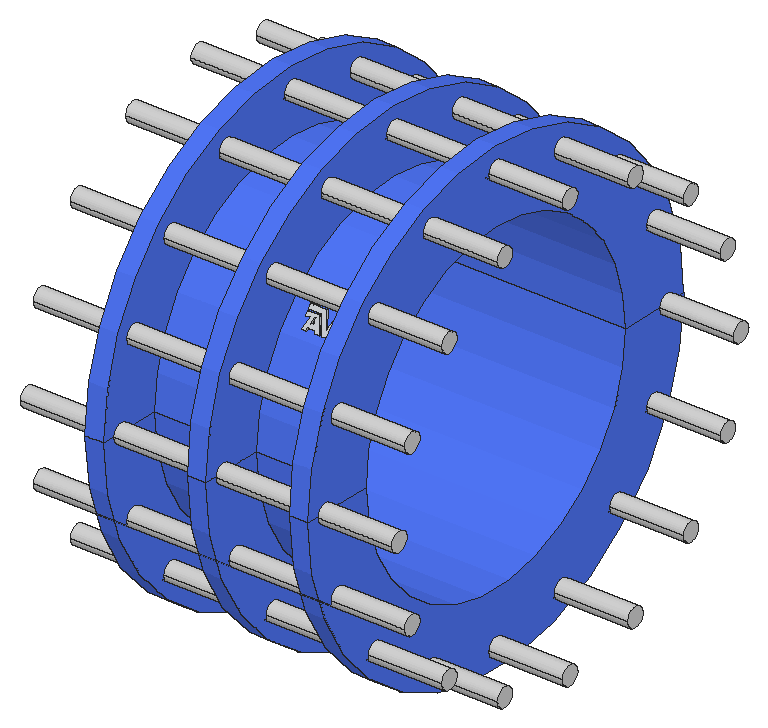
Revit family "873-00-001-DN350-400", category Generic Models, Revit 2019
Family settings
  Can host rebar = No
  Round Connector Dimension = Use Diameter
  Part Type = Normal
  Work Plane-Based = No
  Always vertical = Yes
  Cut with Voids When Loaded = No
  Shared = No
  Room Calculation Point = No
Parameters (values of type "DN350_PN10")
  d2 = size_lookup(Search_table, "d2", 0 mm, DN) / 2  # 252.5 mm
  d1 = size_lookup(Search_table, "d1", 0 mm, DN)  # 460 mm
  URL product pages = "https://www.avkvalves.com/P.aspx?no=873004000141000"
  T = size_lookup(Search_table, "T", 0 mm, DN)  # 20 mm
  L = size_lookup(Search_table, "L", 0 mm, DN)  # 400 mm
  Id(Radius) = DN / 2  # 175 mm
  Flange_thickness = 20 mm  # constant formula
  Description_ = "AVK DISMANTLING JOINT"
  DN = 350 mm
  Search_table = "873-00-001-DN350-400"
  Body_Wallthicknss = 10 mm  # constant formula
  Angle = 22.50°  # constant formula
  A = size_lookup(Search_table, "A", 0 mm, DN)  # 240 mm
  873-0400-00-141000 = "DN400_PN16"
  873-0400-00-041000 = "DN400_PN10"
  873-0350-00-141000 = "DN350_PN16"
  873-0350-00-041000 = "DN350_PN10"
Types (5, lengths in mm): name | d2 | d1 | T | L | Id(Radius) | DN | A
  (no name) | 252.5 | 460 | 20 | 400 | 175 | 350 | 240
  DN350_PN10 | 252.5 | 460 | 20 | 400 | 175 | 350 | 240
  DN350_PN16 | 260 | 470 | 24 | 410 | 175.05 | 350.1 | 240
  DN400_PN10 | 282.5 | 515 | 24 | 420 | 200 | 400 | 250
  DN400_PN16 | 290 | 525 | 27 | 430 | 200.05 | 400.1 | 250
Reference planes
  plane 1 "Center (Front/Back)": y = 0
  plane 2: z = 0
  plane 3 "Center (Left/Right)": x = 0
  plane 4: y = 32.5
  plane 5: y = -30
  plane 6: z = 230
  plane 7: z = -230
  plane 8: y = 230
  plane 9: y = -230
  plane 10: x = -200
  plane 11: x = 200
  plane 12: through (0, 0, 0) normal (0, 0.3827, 0.9239)
  plane 13: through (0, 0, 0) normal (0, 0.7071, 0.7071)
  plane 14: through (0, 0, 0) normal (0, 0.9239, 0.3827)
  plane 15: through (0, 0, 0) normal (0, 0.9239, -0.3827)
  plane 16: through (0, 0, 0) normal (0, 0.7071, -0.7071)
  plane 17: through (0, 0, 0) normal (0, 0.3827, -0.9239)
  plane 18: x = -120
  plane 19: x = 120
  plane 20: z = 252.5
  plane 21: z = -252.5
Forms (mm)
  Revolve 1, solid, material "Plastic"
    sketch origin (0, 0, 0) x (1, 0, 0) y (0, 1, 0)
      loop
        line (-100, 252.5) -> (-120, 252.5) -> (-120, 175) -> (120, 175) -> (120, 252.5) -> (100, 252.5) -> (100, 185) -> (10, 185) -> (10, 252.5) -> (-10, 252.5) -> (-10, 185) -> (-100, 185) -> (-100, 252.5)
      axis (-120, 0) -> (120, 0)
    angle from 0 to 360
  Extrusion 2, solid, material "Stainless Steel AISI 304"
    sketch origin (0, 0, 0) x (0, 1, 0) y (0, 0, 1)
      loop
        circle (0, 230) r 10
      loop
        circle (-230, 0) r 10
      loop
        circle (0, -230) r 10
      loop
        circle (230, 0) r 10
      loop
        circle (-88.017, 212.492) r 10
      loop
        circle (-162.635, 162.635) r 10
      loop
        circle (-212.492, 88.017) r 10
      loop
        circle (-212.492, -88.017) r 10
      loop
        circle (-162.635, -162.635) r 10
      loop
        circle (-88.017, -212.492) r 10
      loop
        circle (88.017, -212.492) r 10
      loop
        circle (162.635, -162.635) r 10
      loop
        circle (212.492, -88.017) r 10
      loop
        circle (212.492, 88.017) r 10
      loop
        circle (162.635, 162.635) r 10
      loop
        circle (88.017, 212.492) r 10
    from -200 to 200
Dimensions and locks
  "Flange_thickness": Revolve 1 sketch curve to Revolve 1 sketch curve  (x3)
  equal spacing: Revolve 1 sketch curve, plane 3 "Center (Left/Right)", Revolve 1 sketch curve  (x2)
  "A": Revolve 1 sketch curve to Revolve 1 sketch curve
  "Id(Radius)": plane 1 "Center (Front/Back)" to Revolve 1 sketch curve
  "Body_Wallthicknss": Revolve 1 sketch curve to Revolve 1 sketch curve
  "d2": plane 1 "Center (Front/Back)" to Revolve 1 sketch curve
  equal spacing: plane 6, level, plane 7
  equal spacing: plane 8, plane 1 "Center (Front/Back)", plane 9
  "d1": plane 8 to plane 9
  "d1": plane 6 to plane 7
  equal spacing: plane 11, plane 3 "Center (Left/Right)", plane 10
  "L": plane 11 to plane 10
  equal spacing: Extrusion 2 sketch curve, level, Extrusion 2 sketch curve
  "d1": Extrusion 2 sketch curve to Extrusion 2 sketch curve  (x8)
  equal spacing: Extrusion 2 sketch curve, plane 1 "Center (Front/Back)", Extrusion 2 sketch curve
  equal spacing: Extrusion 2 sketch curve, plane 15, Extrusion 2 sketch curve
  equal spacing: Extrusion 2 sketch curve, plane 16, Extrusion 2 sketch curve
  equal spacing: Extrusion 2 sketch curve, plane 13, Extrusion 2 sketch curve
  equal spacing: Extrusion 2 sketch curve, plane 14, Extrusion 2 sketch curve
  equal spacing: Extrusion 2 sketch curve, plane 12, Extrusion 2 sketch curve
  equal spacing: Extrusion 2 sketch curve, plane 17, Extrusion 2 sketch curve
  equal spacing: plane 19, plane 3 "Center (Left/Right)", plane 18
  "A": plane 19 to plane 18
  plane 6 to plane 7 = 460 mm
  equal spacing: plane 20, level, plane 21
  "d2": level to plane 21
  plane 20 to plane 21 = 505 mm
  "T": diameter of Extrusion 2 sketch curve  (x16)
  "Angle": angle level to plane 12
  "Angle": angle plane 14 to plane 1 "Center (Front/Back)"
  equal spacing: plane 12, plane 13, plane 14
  "Angle": angle plane 1 "Center (Front/Back)" to plane 15
  "Angle": angle plane 17 to level
  equal spacing: plane 15, plane 16, plane 17
  aligned and locked: level to plane 2
  aligned and locked: Revolve 1 sketch curve to Revolve 1 sketch curve  (x3)
  aligned and locked: plane 1 "Center (Front/Back)" to Revolve 1 sketch curve
  aligned and locked: Extrusion 2 to plane 10
  aligned and locked: Extrusion 2 to plane 11
Automatic sketch dimensions
  Revolve 1 sketch curve to plane 3 "Center (Left/Right)" = 37.5 mm
  plane 3 "Center (Left/Right)" to Revolve 1 sketch curve = 37.5 mm
  plane 17 to Extrusion 2 sketch curve = 0 mm  (x2)
  Extrusion 2 sketch curve to plane 12 = 0 mm  (x2)
  Extrusion 2 sketch curve to plane 13 = 0 mm  (x2)
  plane 16 to Extrusion 2 sketch curve = 0 mm  (x2)
  Extrusion 2 sketch curve to plane 14 = 0 mm  (x2)
  plane 15 to Extrusion 2 sketch curve = 0 mm  (x2)
  Extrusion 2 sketch curve to plane 1 "Center (Front/Back)" = 0 mm  (x2)
  Extrusion 2 sketch curve to level = 0 mm  (x2)
Nested families
  nested 1: "LOGO - Copy - Copy" at (54.548, -155.139, 100.781) x (1, 0, 0) z (0, -0.8386, 0.5448), type "LOGO - Copy - Copy"
Connectors
  piping at (120, 0, 0), diameter 350, driven by "DN"
    settings: on Revolve 1, index 1, connector inside diameter 609.6 mm, connector length 0 mm, flow factor 0, pipe flow 0.0 L/s, pressure drop 0.0 Pa, fitting loss kfactor 0, connector angle 0.00°, fixture units 0, engagement length 0 mm, angle of deflection 0.00°, flow configuration 0, flow direction 0, fitting loss method 0, system type 7, joint type 0, gender type 0, connector reference index -1, connector utility 0, adjustable connector no, is connector primary yes, connector description ""
  piping at (-120, 0, 0), diameter 350, driven by "DN"
    settings: on Revolve 1, index 2, connector inside diameter 609.6 mm, connector length 0 mm, flow factor 0, pipe flow 0.0 L/s, pressure drop 0.0 Pa, fitting loss kfactor 0, connector angle 0.00°, fixture units 0, engagement length 0 mm, angle of deflection 0.00°, flow configuration 0, flow direction 0, fitting loss method 0, system type 7, joint type 0, gender type 0, connector reference index -1, connector utility 0, adjustable connector no, is connector primary no, connector description ""
Definition of nested family "LOGO - Copy - Copy"
  Parameters (values of type "LOGO - Copy - Copy")
    Default Elevation = 1219.2 mm
  Reference planes
    plane 1 "Center (Front/Back)": y = 0
    plane 2: z = 0
    plane 3 "Center (Left/Right)": x = 0
  Forms (mm)
    Extrusion 1, solid
      sketch origin (0, 0, 0) x (1, 0, 0) y (0, 1, 0)
        loop
          line (-1219.2, 1219.2) -> (-1219.2, -1219.2) -> (1219.2, -1219.2) -> (1219.2, 1219.2) -> (-1219.2, 1219.2)
      from 0 to -304.8
    Extrusion 2, solid
      sketch origin (0, 0, 0) x (1, 0, 0) y (0, 1, 0)
        loop
          line (-6.514, 34.224) -> (-24, 34.224) -> (-24, 29.481) -> (-9.766, 29.481) -> (-2.391, 11.367) -> (2.391, 11.367) -> (9.766, 29.481) -> (24, 29.481) -> (24, 34.224) -> (6.514, 34.224) -> (0, 18.224) -> (-6.514, 34.224)
        loop
          line (-10.996, 27.653) -> (-24, 27.653) -> (-24, 23.081) -> (-19.503, 23.081) -> (-24, 11.367) -> (-18.92, 11.367) -> (-17.955, 13.881) -> (-10.51, 13.881) -> (-9.486, 11.367) -> (-4.365, 11.367) -> (-10.996, 27.653)
        loop
          line (-16.777, 18.224) -> (-12.278, 18.224) -> (-14.594, 23.912) -> (-16.777, 18.224)
        loop
          line (4.365, 11.367) -> (9.486, 11.367) -> (12.093, 17.77) -> (16.918, 11.367) -> (22.857, 11.367) -> (17.399, 18.61)
          arc (17.399, 18.61) -> (20.583, 20.18) -> (22.629, 23.081) r 7.2
          line (22.629, 23.081) -> (24, 23.081) -> (24, 27.653) -> (19.429, 27.653)
          arc (19.429, 27.653) -> (17.763, 23.526) -> (13.699, 21.714) r 5.943
          line (13.699, 21.714) -> (16.117, 27.653) -> (10.996, 27.653) -> (4.365, 11.367)
      from 0 to 1
  Dimensions and locks
    aligned and locked: plane 2 to Extrusion 1
    aligned and locked: level to Extrusion 1
    aligned and locked: Extrusion 2 sketch curve to import instance
